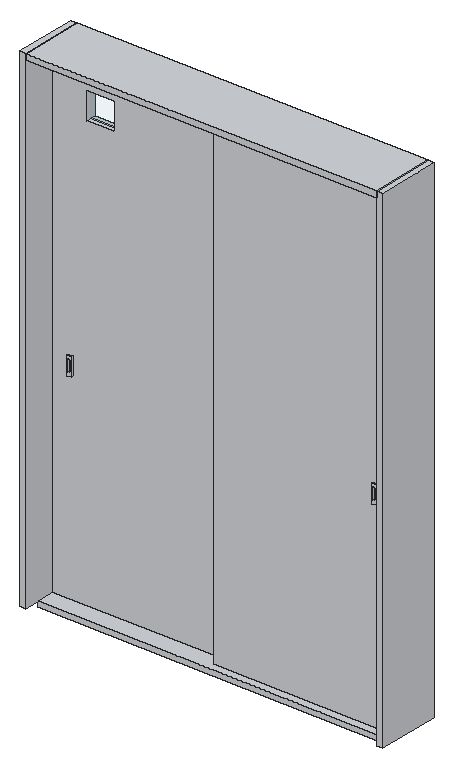
Revit family "Dor_引違い戸", category ドア, Revit 2020
Family settings
  ホスト = 壁
  常に垂直 = はい
  ロード時にボイドで切り取り = はい
  共有 = いいえ
  部屋計算ポイント = いいえ
Parameters (values of type "引違い戸")
  開口逃げ位置表示 [instance] = no
  金物_施錠方式(外) = ""
  金物_施錠方式(内) = ""
  金物_支持金物 = ""
  金物_操作金物 = ""
  金物_戸当り = ""
  金物_固定金物 = ""
  金物_フランス落し = ""
  金物_クローザー = ""
  逃げ_左 = 50 mm
  逃げ_右 = 50 mm
  解析用性能 = "<なし>"
  符号_建具記号 = ""
  符号_建具番号 = ""
  法_随時閉鎖 = yes
  法_防火性能 = ""
  法_遮煙 = yes
  法_常時閉鎖 = yes
  沓摺表示 [instance] = yes
  枠見付上 = 25 mm
  文字_ガラス厚 = ""
  召合せ = 40 mm
  沓摺見込_Kg [instance] = 150 mm
  ラベル_遮煙 = if(法_遮煙, "S", " ")  # "S"
  ラベル_法囲み = if(法_常時閉鎖, "□", if(法_随時閉鎖, "〇", " "))  # "□"
  マテリアル_ハンドル = none
  ドアパネルタイプ2 = DP_小窓 : 小窓
  ドアパネルタイプ1 = DP_フラッシュ : フラッシュ
  スリット/小窓位置：戸先 [instance] = yes
  ガラス厚 = 6 mm
  オフセット_外側 [instance] = 50 mm
  calc_逃げ位置 [instance] = if(bWallThicknessOffset, calc_壁芯ずれ, 0 mm)  # 0 mm
  calc_沓摺幅 = 幅 + LOCK  # 1500 mm
  沓摺タイプ = Kg_沓摺 : Kg_沓摺
  次による断熱プロパティの定義 = スキーマティック タイプ
  文字_額縁材質 = ""
  文字_額縁仕上 = ""
  文字_沓摺材質 = ""
  文字_沓摺仕上 = ""
  文字_枠材質 = ""
  文字_枠仕上 = ""
  文字_建具材質 = ""
  文字_建具仕上 = ""
  文字_取付場所 = ""
  文字_備考 = ""
  文字_パネル厚 = ""
  文字_ガラリ材質 = ""
  文字_ガラリ仕上 = ""
  文字_ガラス材質 = ""
  文字_アンダーカット = ""
  性能_遮音 = ""
  性能_気密 = ""
  形状_沓摺形状 = ""
  形状_枠形状 = ""
  形状_建具形式 = ""
  形状_ガラリ形状 = ""
  calc_沓摺奥行 = パネル厚 * 2 + LOCK  # 90 mm
  calc_壁芯ずれ [instance] = abs(オフセット_外側 - オフセット_内側) / 2  # 0 mm
  マテリアル_沓摺 = none
  マテリアル_枠 = none
  マテリアル_パネル = none
  マテリアル_ガラリ = none
  マテリアル_ガラス = ガラス - 透明
  パネル幅2 = パネル幅1  # 770 mm
  パネル幅1 = 幅 / 2 + 召合せ / 2  # 770 mm
  引手表示 [instance] = yes
  Keynote = ""
  オフセット_内側 [instance] = 50 mm
  calc_パネル中心_幅 = 幅 / 2 + LOCK  # 750 mm
  calc_パネル中心_厚 [instance] = calc_壁芯ずれ  # 0 mm
  bWallThicknessOffset = no
  W寸法 = 1500 mm
  LOCK = 0 mm  # constant formula
  Function = (empty or 0)
  Description = ""
  Rough Width = 0 mm
  高さ = H寸法 + LOCK  # 2100 mm
  枠見付 = 25 mm
  枠ちり外 = 10 mm
  枠ちり内 = 10 mm
  引手_高さ = 900 mm
  引手_オフセット = 80 mm
  戸当見込 = 50 mm
  戸当見付 = 15 mm
  Construction Type = ""
  Wall Closure = (empty or 0)
  幅 = W寸法 + LOCK  # 1500 mm
  Rough Height = 0 mm
  パネル高 = 高さ - アンダーカット  # 2095 mm
  パネル幅 = パネル幅1 + LOCK  # 770 mm
  パネル厚 = 45 mm
  アンダーカット = 5 mm
  H寸法 = 2100 mm
Reference planes
  plane 1: y = 0.417
  plane 2 "中心(左/右)": x = 0
  plane 3 "EXT.": y = 75.417
  plane 4 "内壁": y = -74.583
  plane 5 "左": x = -750
  plane 6 "右": x = 750
  plane 7 "上側": z = 2100
  plane 8: z = 0
  plane 9 "枠ちり外": y = 135.417
  plane 10 "枠外側左": x = -775
  plane 11 "枠外側右": x = 775
  plane 12: z = 5
  plane 13 "オフセット_内側": y = -124.583
  plane 14 "枠ちり内": y = -134.583
  plane 15: y = 65.417
  plane 16: x = -780
  plane 17: x = 780
  plane 18: y = 65.417
  plane 19: y = -114.583
  plane 20 "パネル1中心": y = -22.083
  plane 21: z = 900
  plane 22: z = 2125
  plane 23 "引手位置": x = 670
  plane 24: y = 65
  plane 25: z = 1050
  plane 26: z = 2127
  plane 27: x = -20
  plane 28: x = 20
  plane 29: x = 365
  plane 30: x = -365
  plane 31 "パネル2中心": y = 22.917
  plane 32 "壁芯ずれ": y = 0.417
  plane 33 "LGS厛": x = -670
  plane 34: y = -44.583
  plane 35: y = 45.417
  plane 36 "オフセット_外側": y = 125.417
  plane 37 "逃げ位置": y = 0.417
Forms (mm)
  Extrusion 1, void
    sketch origin (0, 0, 0) x (1, 0, 0) y (0, 1, 0)
      loop
        line (-775, -124.583) -> (775, -124.583) -> (775, 125.417) -> (-775, 125.417) -> (-775, -124.583)
    from 0 to 2125
  Extrusion 2, solid, material <- "マテリアル_枠"
    sketch origin (0, 0, 0) x (1, 0, 0) y (0, 1, 0)
      loop
        line (-750, -134.583) -> (750, -134.583) -> (750, 135.417) -> (-750, 135.417) -> (-750, -134.583)
    from 2100 to 2125
  Extrusion 3, solid, material <- "マテリアル_枠"
    sketch origin (0, 0, 0) x (1, 0, 0) y (0, 1, 0)
      loop
        line (-775, -134.583) -> (-750, -134.583) -> (-750, 135.417) -> (-775, 135.417) -> (-775, -134.583)
      loop
        line (750, -134.583) -> (775, -134.583) -> (775, 135.417) -> (750, 135.417) -> (750, -134.583)
    from 0 to 2125
Lines and regions (mm)
  Masking region 1
    outline origin (0, 0, 0) x (0, 1, 0) y (0, 0, 1)
      loop
        line (0.417, 2100) -> (-44.583, 2100) -> (-44.583, 5) -> (0.417, 5) -> (0.417, 2100)
  Masking region 2
    outline origin (0, 0, 0) x (0, 1, 0) y (0, 0, 1)
      loop
        line (65.417, 2125) -> (65.417, 2127) -> (-114.583, 2127) -> (-114.583, 2125) -> (-134.583, 2125) -> (-134.583, 2100) -> (135.417, 2100) -> (135.417, 2125) -> (65.417, 2125)
  Masking region 3, detail levels medium+fine
    outline origin (0, 0, 0) x (1, 0, 0) y (0, 1, 0)
      loop
        line (775, -134.583) -> (775, 135.417) -> (750, 135.417) -> (750, -134.583) -> (775, -134.583)
      loop
        line (-775, -134.583) -> (-750, -134.583) -> (-750, 135.417) -> (-775, 135.417) -> (-775, -134.583)
  Masking region 4, detail levels coarse
    outline origin (0, 0, 0) x (1, 0, 0) y (0, 1, 0)
      loop
        line (780, 125.417) -> (750, 125.417) -> (750, -124.583) -> (780, -124.583) -> (780, 125.417)
      loop
        line (-780, 125.417) -> (-780, -124.583) -> (-750, -124.583) -> (-750, 125.417) -> (-780, 125.417)
  Masking region 5
    outline origin (0, 0.835, 0) x (0, -1, 0) y (0, 0, 1)
      loop
        line (0.417, 2100) -> (-44.583, 2100) -> (-44.583, 5) -> (0.417, 5) -> (0.417, 2100)
  symbolic lines
    curve 1: line (0, 185.417, 0) -> (0, -184.583, 0)
Text (mm)
  text "EXT." at (-2295.016, 1099.543, 0), in view "基準レベル"
  text "外部" at (0, 1615.38, 3698.081), in view "左"
  text "外部" at (0, 1036.032, 3874.932), in view "右"
  text "内部" at (0, -1175.082, 3874.932), in view "右"
  text "内部" at (-2295.016, -1087.353, 0), in view "基準レベル"
Dimensions and locks
  equal spacing: plane 5 "左", plane 2 "中心(左/右)", plane 6 "右"
  locked: plane 3 "EXT." to host wall
  locked: plane 4 "内壁" to host wall
  "W寸法": plane 5 "左" to plane 6 "右"
  "H寸法": plane 8 to plane 7 "上側"
  "枠ちり内": plane 13 "オフセット_内側" to plane 14 "枠ちり内"
  "アンダーカット": plane 12 to plane 8
  locked: plane 3 "EXT." to plane 15 at 10
  locked: curve 1 to plane 9 "枠ちり外" at 50
  locked: plane 14 "枠ちり内" to curve 1 at 50
  plane 4 "内壁" to plane 3 "EXT." = 150 mm
  locked: plane 16 to plane 10 "枠外側左" at 5
  locked: plane 11 "枠外側右" to plane 17 at 5
  locked: plane 18 to plane 3 "EXT." at 10
  locked: plane 19 to plane 13 "オフセット_内側" at 10
  "引手_高さ": plane 21 to level
  "枠見付": plane 6 "右" to plane 11 "枠外側右"
  "枠見付": plane 10 "枠外側左" to plane 5 "左"
  "枠見付上": plane 22 to plane 7 "上側"
  "引手_オフセット": plane 23 "引手位置" to plane 6 "右"
  plane 24 to plane 3 "EXT." = 10.417 mm
  equal spacing: plane 8, plane 25, plane 7 "上側"
  plane 22 to plane 26 = 2 mm
  "オフセット_内側": plane 4 "内壁" to plane 13 "オフセット_内側"
  equal spacing: plane 27, plane 2 "中心(左/右)", plane 28
  "召合せ": plane 27 to plane 28
  equal spacing: plane 27, plane 29, plane 6 "右"
  equal spacing: plane 5 "左", plane 30, plane 28
  "calc_壁芯ずれ": plane 32 "壁芯ずれ" to host wall
  equal spacing: plane 20 "パネル1中心", plane 32 "壁芯ずれ", plane 31 "パネル2中心"
  "パネル厚": plane 31 "パネル2中心" to plane 20 "パネル1中心"
  "引手_オフセット": plane 5 "左" to plane 33 "LGS厛"
  "パネル厚": plane 32 "壁芯ずれ" to plane 34
  "パネル厚": plane 35 to plane 32 "壁芯ずれ"
  "枠ちり外": plane 9 "枠ちり外" to plane 36 "オフセット_外側"
  "オフセット_外側": plane 3 "EXT." to plane 36 "オフセット_外側"
  "calc_逃げ位置": plane 37 "逃げ位置" to plane 1
  aligned and locked: plane 1 to host wall
  aligned and locked: level to plane 8
  aligned and locked: Extrusion 1 to plane 13 "オフセット_内側"
  aligned and locked: Masking region 2 sketch curve to plane 14 "枠ちり内"
  aligned and locked: plane 9 "枠ちり外" to Masking region 2 sketch curve
  aligned and locked: plane 6 "右" to Masking region 4 sketch curve
  aligned and locked: Masking region 4 sketch curve to plane 17
  aligned and locked: Masking region 4 sketch curve to plane 13 "オフセット_内側"
  aligned and locked: plane 6 "右" to Masking region 3 sketch curve
  aligned and locked: plane 9 "枠ちり外" to Masking region 3 sketch curve
  aligned and locked: Extrusion 2 sketch curve to plane 14 "枠ちり内"
  aligned and locked: plane 5 "左" to Extrusion 2 sketch curve
  aligned and locked: Extrusion 2 sketch curve to plane 6 "右"
  aligned and locked: Extrusion 1 to plane 22
  aligned and locked: Extrusion 3 sketch curve to plane 14 "枠ちり内"  (x2)
  aligned and locked: Extrusion 3 sketch curve to plane 5 "左"
  aligned and locked: Extrusion 3 sketch curve to plane 10 "枠外側左"
  aligned and locked: plane 6 "右" to Extrusion 3 sketch curve
  aligned and locked: Extrusion 3 sketch curve to plane 11 "枠外側右"
  aligned and locked: Extrusion 3 to plane 22
  aligned and locked: Extrusion 2 to plane 22
  aligned and locked: plane 7 "上側" to Extrusion 2
  aligned and locked: plane 23 "引手位置" to nested 3
  aligned and locked: nested 3 to plane 21
  aligned and locked: plane 2 "中心(左/右)" to nested 4
  aligned and locked: plane 25 to nested 4
  aligned and locked: nested 2 to plane 20 "パネル1中心"
  aligned and locked: plane 20 "パネル1中心" to nested 3
  aligned and locked: plane 7 "上側" to Masking region 2 sketch curve  (x2)
  aligned and locked: Masking region 2 sketch curve to plane 22  (x2)
  aligned and locked: plane 7 "上側" to Masking region 1 sketch curve
  aligned and locked: plane 26 to Masking region 2 sketch curve  (x2)
  aligned and locked: Masking region 2 sketch curve to plane 19
  aligned and locked: plane 19 to Masking region 2 sketch curve
  aligned and locked: Masking region 3 sketch curve to plane 9 "枠ちり外"
  aligned and locked: plane 14 "枠ちり内" to Masking region 3 sketch curve
  aligned and locked: plane 10 "枠外側左" to Masking region 3 sketch curve
  aligned and locked: plane 13 "オフセット_内側" to Masking region 4 sketch curve
  aligned and locked: Masking region 4 sketch curve to plane 16
  aligned and locked: plane 9 "枠ちり外" to Extrusion 3 sketch curve  (x2)
  aligned and locked: plane 29 to nested 2
  aligned and locked: nested 6 to plane 33 "LGS厛"
  aligned and locked: plane 31 "パネル2中心" to nested 5
  aligned and locked: nested 6 to plane 31 "パネル2中心"
  aligned and locked: plane 2 "中心(左/右)" to nested 7
  aligned and locked: nested 7 to plane 32 "壁芯ずれ"
  aligned and locked: plane 18 to Masking region 2 sketch curve
  aligned and locked: plane 9 "枠ちり外" to Extrusion 2 sketch curve
  aligned and locked: plane 32 "壁芯ずれ" to Masking region 1 sketch curve
  aligned and locked: Masking region 1 sketch curve to plane 34
  aligned and locked: Masking region 5 sketch curve to plane 35
  aligned and locked: Masking region 5 sketch curve to plane 12
  aligned and locked: plane 32 "壁芯ずれ" to Masking region 5 sketch curve
  aligned and locked: Masking region 5 sketch curve to plane 7 "上側"
  aligned and locked: plane 12 to Masking region 1 sketch curve
  aligned and locked: plane 32 "壁芯ずれ" to nested 1
  aligned and locked: plane 5 "左" to Masking region 4 sketch curve
  aligned and locked: plane 5 "左" to Masking region 3 sketch curve
  aligned and locked: plane 30 to nested 5
  aligned and locked: plane 2 "中心(左/右)" to nested 8
  aligned and locked: plane 36 "オフセット_外側" to Masking region 4 sketch curve
  aligned and locked: Masking region 4 sketch curve to plane 36 "オフセット_外側"
  aligned and locked: plane 36 "オフセット_外側" to Extrusion 1 sketch curve
  aligned and locked: nested 8 to plane 37 "逃げ位置"
Automatic sketch dimensions
  curve 1 to plane 2 "中心(左/右)" = 0 mm
  Extrusion 1 sketch curve to plane 10 "枠外側左" = 0 mm
  Extrusion 1 sketch curve to plane 11 "枠外側右" = 0 mm
  host wall to Extrusion 1 sketch curve = 50 mm
  Masking region 3 sketch curve to plane 11 "枠外側右" = 0 mm
  Masking region 3 sketch curve to plane 14 "枠ちり内" = 0 mm
Nested families
  nested 1: "Kg_沓摺" at (0, 0.417, 0), アンダーカット <- "アンダーカット", パネル厚 <- "calc_沓摺奥行", パネル幅 <- "幅", 沓摺材質 <- "マテリアル_沓摺", type <- "沓摺タイプ", パネル中心位置 <- "calc_パネル中心_厚", visible <- "沓摺表示", 沓摺見込 <- "沓摺見込_Kg", type "Kg_沓摺"
    with 沓摺見込 150 mm, 沓摺材質 none, パネル幅 1500 mm, パネル厚 90 mm, パネル中心位置 0 mm, アンダーカット 5 mm
  nested 2: "DP_フラッシュ" at (365, -22.083, 0), マテリアル_パネル <- "マテリアル_パネル", 幅 <- "パネル幅1", 高さ <- "パネル高", Thickness <- "パネル厚", type <- "ドアパネルタイプ1", アンダーカット <- "アンダーカット", マテリアル_ガラス <- "マテリアル_ガラス", マテリアル_ガラリ <- "マテリアル_ガラリ", スリット/小窓位置：戸先 <- "スリット/小窓位置：戸先", ガラス厚 <- "ガラス厚", type "フラッシュ"
    with 高さ 2095 mm, 幅 770 mm, built-in parameter 1001302 45 mm, マテリアル_パネル none, マテリアル_ガラリ none, マテリアル_ガラス ガラス - 透明, スリット/小窓位置：戸先 yes, ガラス厚 6 mm, アンダーカット 5 mm
  nested 3: "Ha_引手" at (670, -22.083, 900) x (-1, 0, 0) z (0, 0, 1), visible <- "引手表示", type "Ha_引手"
    with パネル厚 45 mm
  nested 4: "立面_スイング_引違い" at (0, 75.417, 1050) x (1, 0, 0) z (0, -1, 0), type "立面_スイング_引違い"
    with 幅 250 mm
  nested 5: "DP_小窓" at (-365, 22.917, 0) x (-1, 0, 0) z (0, 0, 1), マテリアル_パネル <- "マテリアル_パネル", 幅 <- "パネル幅1", 高さ <- "パネル高", Thickness <- "パネル厚", type <- "ドアパネルタイプ2", アンダーカット <- "アンダーカット", マテリアル_ガラス <- "マテリアル_ガラス", マテリアル_ガラリ <- "マテリアル_ガラリ", スリット/小窓位置：戸先 <- "スリット/小窓位置：戸先", ガラス厚 <- "ガラス厚", type "小窓"
    with 高さ 2095 mm, 幅 770 mm, built-in parameter 1001302 45 mm, マテリアル_パネル none, マテリアル_ガラリ none, マテリアル_ガラス ガラス - 透明, スリット/小窓位置：戸先 yes, スリット/小窓位置：中央 no, ガラス厚 6 mm, アンダーカット 5 mm, calc_窓腰高 1860 mm, calc_窓位置_戸尻 500 mm, calc_窓位置_戸先 150 mm
  nested 6: "Ha_引手" at (-670, 22.917, 900), visible <- "引手表示", type "Ha_引手"
    with パネル厚 45 mm
  nested 7: "平面_引き違い戸" at (0, 0.417, 0), パネル厚 <- "パネル厚", 召合せ <- "召合せ", 幅 <- "幅", type "平面_引き違い戸"
    with 幅 1500 mm, 召合せ 40 mm, パネル厚 45 mm
  nested 8: "平面_逃げ位置" at (0, 0.417, 0), 幅 <- "W寸法", 逃げ_右 <- "逃げ_右", 逃げ_左 <- "逃げ_左", visible <- "開口逃げ位置表示", type "平面_逃げ位置"
    with 逃げ_左 50 mm, 逃げ_右 50 mm, 幅 1500 mm
Definition of nested family "Kg_沓摺"
  Parameters (values of type "Kg_沓摺")
    沓摺材質 [instance] = none
    Default Elevation = 0 mm
    パネル中心位置 [instance] = 80 mm
    沓摺見込 [instance] = 140 mm
    パネル幅 [instance] = 600 mm
    パネル厚 [instance] = 45 mm
    アンダーカット [instance] = 5 mm
  Reference planes
    plane 1 "中心(正面/背面)": y = 0
    plane 2: z = 0
    plane 3 "中心(左/右)": x = 0
    plane 4 "パネル内側": y = -22.5
    plane 5: x = -300
    plane 6: x = 300
    plane 7: z = 5
    plane 8: z = 3
    plane 9 "パネル外側": y = 22.5
    plane 10: z = -20
    plane 11: y = 70
    plane 12: y = -70
  Forms (mm)
    Extrusion 1, solid, material <- "沓摺材質"
      sketch origin (0, 0, 0) x (0, 1, 0) y (0, 0, 1)
        loop
          line (70, -20) -> (70, 3) -> (-70, 3) -> (-70, -20) -> (70, -20)
      from -300 to 300
  Lines and regions (mm)
    Masking region 1
      outline origin (0, 0, 0) x (0, 1, 0) y (0, 0, 1)
        loop
          line (-70, -20) -> (70, -20) -> (70, 3) -> (-70, 3) -> (-70, -15) -> (-70, -20)
    Masking region 2, detail levels medium+fine
      outline origin (0, 0, 0) x (1, 0, 0) y (0, 1, 0)
        loop
          line (-300, -70) -> (300, -70) -> (300, 70) -> (-300, 70) -> (-300, -70)
  Dimensions and locks
    "パネル幅": plane 5 to plane 6
    equal spacing: plane 5, plane 3 "中心(左/右)", plane 6
    "アンダーカット": plane 7 to plane 2
    locked: plane 7 to plane 8 at 2
    equal spacing: plane 9 "パネル外側", plane 1 "中心(正面/背面)", plane 4 "パネル内側"
    "パネル厚": plane 9 "パネル外側" to plane 4 "パネル内側"
    locked: plane 7 to plane 10 at 25
    Masking region 1 sketch curve to plane 2 = 15 mm
    "沓摺見込": plane 11 to plane 12
    equal spacing: plane 11, plane 1 "中心(正面/背面)", plane 12
    aligned and locked: level to plane 2
    aligned and locked: Extrusion 1 sketch curve to plane 10
    aligned and locked: Extrusion 1 sketch curve to plane 8
    aligned and locked: plane 6 to Extrusion 1
    aligned and locked: Extrusion 1 to plane 5
    aligned and locked: Masking region 1 sketch curve to plane 8
    aligned and locked: Masking region 1 sketch curve to plane 10
    aligned and locked: plane 11 to Masking region 1 sketch curve
    aligned and locked: plane 11 to Extrusion 1 sketch curve
    aligned and locked: Masking region 1 sketch curve to plane 12
    aligned and locked: plane 12 to Extrusion 1 sketch curve
    aligned and locked: Masking region 2 sketch curve to plane 5
    aligned and locked: plane 6 to Masking region 2 sketch curve
    aligned and locked: plane 11 to Masking region 2 sketch curve
    aligned and locked: Masking region 2 sketch curve to plane 12
Definition of nested family "DP_フラッシュ"
  Parameters (values of type "フラッシュ")
    Height [instance] = 1995 mm
    Analytic Construction = "<なし>"
    Define Thermal Properties by = 1
    マテリアル_パネル [instance] = none
    Thickness [instance] = 40 mm
    Width [instance] = 800 mm
    マテリアル_ガラリ [instance] = none
    マテリアル_ガラス [instance] = none
    スリット/小窓位置：戸先 [instance] = yes
    ガラス厚 [instance] = 0 mm
    アンダーカット [instance] = 5 mm
  Reference planes
    plane 1 "中心(正面/背面)": y = 0
    plane 2 "下": z = 0
    plane 3 "中心(左/右)": x = 0
    plane 4 "右": x = 400
    plane 5 "左": x = -400
    plane 6 "前面": y = 20
    plane 7 "背面": y = -20
    plane 8 "上": z = 2000
    plane 9: z = 5
  Forms (mm)
    Extrusion 1, solid, material <- "マテリアル_パネル"
      sketch origin (0, 0, 0) x (1, 0, 0) y (0, 0, 1)
        loop
          line (-400, 2000) -> (-400, 5) -> (400, 5) -> (400, 2000) -> (-400, 2000)
      from -20 to 20
  Dimensions and locks
    equal spacing: plane 5 "左", plane 3 "中心(左/右)", plane 4 "右"
    "Width": plane 5 "左" to plane 4 "右"
    equal spacing: plane 6 "前面", plane 1 "中心(正面/背面)", plane 7 "背面"
    "Thickness": plane 6 "前面" to plane 7 "背面"
    "アンダーカット": plane 9 to plane 2 "下"
    "Height": plane 8 "上" to plane 9
    aligned and locked: level to plane 2 "下"
    aligned and locked: Extrusion 1 sketch curve to plane 8 "上"
    aligned and locked: plane 5 "左" to Extrusion 1 sketch curve
    aligned and locked: Extrusion 1 sketch curve to plane 4 "右"
    aligned and locked: plane 6 "前面" to Extrusion 1
    aligned and locked: Extrusion 1 to plane 7 "背面"
    aligned and locked: plane 9 to Extrusion 1 sketch curve
Definition of nested family "Ha_引手"
  Parameters (values of type "Ha_引手")
    Analytic Construction = "<なし>"
    Define Thermal Properties by = 1
    パネル厚 = 30 mm
    ハンドル = none
    Keynote = "08730.C5"
  Reference planes
    plane 1 "中心(正面/背面)": y = 0
    plane 2: z = 0
    plane 3 "中心 (左/右)": x = 0
    plane 4: y = 15
    plane 5: y = -15
    plane 6: y = -20
    plane 7: y = 20
  Forms (mm)
    Extrusion 1, solid, material <- "ハンドル"
      sketch origin (-30, -15, 0) x (1, 0, 0) y (0, 0, 1)
        loop
          line (20, -40) -> (40, -40) -> (40, 40) -> (20, 40) -> (20, -40)
      from -35 to 5
    Extrusion 2, void
      sketch origin (0, -15, 0) x (-1, 0, 0) y (0, 0, 1)
        loop
          line (5, -25) -> (5, 25) -> (-5, 25) -> (-5, -25) -> (5, -25)
      from -5 to 0
    Extrusion 3, void
      sketch origin (0, 15, 0) x (-1, 0, 0) y (0, 0, 1)
        loop
          line (-5, 25) -> (-5, -25) -> (5, -25) -> (5, 25) -> (-5, 25)
      from 0 to 5
  Cuts and joins
    Extrusion 2, Extrusion 3 cuts Extrusion 1
  Dimensions and locks
    equal spacing: plane 5, plane 1 "中心(正面/背面)", plane 4
    "パネル厚": plane 5 to plane 4
    locked: plane 6 to plane 5 at 5
    locked: plane 4 to plane 7 at 5
    aligned and locked: plane 6 to Extrusion 1
    aligned and locked: Extrusion 1 to plane 7
    aligned and locked: Extrusion 1 to Extrusion 2
    aligned and locked: Extrusion 1 to Extrusion 3
  Automatic sketch dimensions
    Extrusion 1 sketch curve to plane 3 "中心 (左/右)" = 10 mm
    plane 3 "中心 (左/右)" to Extrusion 1 sketch curve = 10 mm
    Extrusion 1 sketch curve to level = 40 mm
    level to Extrusion 1 sketch curve = 40 mm
    plane 3 "中心 (左/右)" to Extrusion 2 sketch curve = 5 mm
    Extrusion 2 sketch curve to plane 3 "中心 (左/右)" = 5 mm
    Extrusion 2 sketch curve to level = 25 mm
    level to Extrusion 2 sketch curve = 25 mm
    plane 3 "中心 (左/右)" to Extrusion 3 sketch curve = 5 mm
    Extrusion 3 sketch curve to plane 3 "中心 (左/右)" = 5 mm
    Extrusion 3 sketch curve to level = 25 mm
    level to Extrusion 3 sketch curve = 25 mm
Definition of nested family "DP_小窓"
  Parameters (values of type "小窓")
    Height [instance] = 2000 mm
    Analytic Construction = "<なし>"
    窓位置_戸先寄り = 150 mm
    Define Thermal Properties by = 1
    Thickness [instance] = 40 mm
    窓H = 120 mm
    窓位置_上 = 120 mm
    マテリアル_パネル [instance] = none
    マテリアル_ガラリ [instance] = none
    マテリアル_ガラス [instance] = none
    スリット/小窓位置：戸先 [instance] = yes
    スリット/小窓位置：中央 [instance] = not([スリット/小窓位置：戸先])  # no
    アンダーカット [instance] = 5 mm
    calc_窓位置_戸先 [instance] = if([スリット/小窓位置：戸先], 窓位置_戸先寄り, (Width - 窓W) / 2)  # 150 mm
    Width [instance] = 800 mm
    calc_窓位置_戸尻 [instance] = if([スリット/小窓位置：戸先], Width - 窓W - 窓位置_戸先寄り, if([スリット/小窓位置：中央], calc_窓位置_戸先, 窓位置_戸先寄り))  # 530 mm
    窓W = 120 mm
    ガラス厚 [instance] = 6 mm
    calc_窓腰高 [instance] = (Height + アンダーカット) - 窓位置_上 - 窓H  # 1765 mm
  Reference planes
    plane 1 "中心(正面/背面)": y = 0
    plane 2 "下": z = 0
    plane 3 "中心(左/右)": x = 0
    plane 4 "右": x = 400
    plane 5 "左": x = -400
    plane 6 "前面": y = 20
    plane 7 "背面": y = -20
    plane 8 "上": z = 2005
    plane 9 "戸先": x = 250
    plane 10 "ガラス下": z = 1765
    plane 11 "ガラス上": z = 1885
    plane 12 "ガラス幅": x = 130
    plane 13 "ガラス芯": x = 190
    plane 14: z = 5
  Forms (mm)
    Extrusion 1, solid, material <- "マテリアル_パネル"
      sketch origin (0, 0, 0) x (1, 0, 0) y (0, 0, 1)
        loop
          line (-400, 2005) -> (-400, 5) -> (400, 5) -> (400, 2005) -> (-400, 2005)
        loop
          line (130, 1885) -> (130, 1765) -> (250, 1765) -> (250, 1885) -> (130, 1885)
      from -20 to 20
  Dimensions and locks
    equal spacing: plane 5 "左", plane 3 "中心(左/右)", plane 4 "右"
    "Width": plane 5 "左" to plane 4 "右"
    equal spacing: plane 6 "前面", plane 1 "中心(正面/背面)", plane 7 "背面"
    "Thickness": plane 6 "前面" to plane 7 "背面"
    "calc_窓位置_戸先": plane 4 "右" to plane 9 "戸先"
    "窓位置_上": plane 8 "上" to plane 11 "ガラス上"
    "窓H": plane 11 "ガラス上" to plane 10 "ガラス下"
    "窓W": plane 9 "戸先" to plane 12 "ガラス幅"
    equal spacing: plane 12 "ガラス幅", plane 13 "ガラス芯", plane 9 "戸先"
    "アンダーカット": plane 14 to plane 2 "下"
    "Height": plane 8 "上" to plane 14
    aligned and locked: level to plane 2 "下"
    aligned and locked: Extrusion 1 sketch curve to plane 8 "上"
    aligned and locked: plane 5 "左" to Extrusion 1 sketch curve
    aligned and locked: Extrusion 1 sketch curve to plane 4 "右"
    aligned and locked: plane 6 "前面" to Extrusion 1
    aligned and locked: Extrusion 1 to plane 7 "背面"
    aligned and locked: plane 11 "ガラス上" to Extrusion 1 sketch curve
    aligned and locked: plane 12 "ガラス幅" to Extrusion 1 sketch curve
    aligned and locked: Extrusion 1 sketch curve to plane 10 "ガラス下"
    aligned and locked: Extrusion 1 sketch curve to plane 9 "戸先"
    aligned and locked: nested 1 to plane 1 "中心(正面/背面)"
    aligned and locked: plane 13 "ガラス芯" to nested 1
    aligned and locked: plane 14 to Extrusion 1 sketch curve
  Nested families
    nested 1: "DPw_ガラス" at (190, 15, 1765), Width <- "窓W", Height <- "窓H", Thickness <- "ガラス厚", built-in parameter 1001364 <- "calc_窓腰高", マテリアル_ガラス <- "マテリアル_ガラス", type "ガラス"
      with Height 120 mm, Width 120 mm, Thickness 6 mm, マテリアル_ガラス none
  Definition of nested family "DPw_ガラス"
    Parameters (values of type "DPw_ガラス")
      Define Thermal Properties by = 1
      Visual Light Transmittance = 0.9
      Solar Heat Gain Coefficient = 0.78
      Height [instance] = 1000 mm
      Heat Transfer Coefficient (U) = 3.6886 W/(m²·K)
      Width [instance] = 800 mm
      Analytic Construction = "1/8 インチ ピルキントン一重ガラス"
      Thickness [instance] = 6 mm
      マテリアル_ガラス [instance] = none
    Reference planes
      plane 1 "中心(正面/背面)": y = -15
      plane 2 "下": z = 0
      plane 3 "中心(左/右)": x = 0
      plane 4 "左": x = -400
      plane 5 "右": x = 400
      plane 6 "上": z = 1000
      plane 7: y = -12
      plane 8: y = -18
      plane 9: z = 500
    Forms (mm)
      Extrusion 1, solid, material <- "マテリアル_ガラス"
        sketch origin (0, -15, 0) x (1, 0, 0) y (0, 0, 1)
          loop
            line (-400, 0) -> (400, 0) -> (400, 1000) -> (-400, 1000) -> (-400, 0)
        from -3 to 3
    Lines and regions (mm)
      symbolic lines, detail levels medium+fine
        curve 1: line (400, -15, 0) -> (-400, -15, 0)
      symbolic lines, detail levels fine
        curve 2: line (0, -15, 1000) -> (0, -15, 0)
    Dimensions and locks
      equal spacing: plane 4 "左", plane 3 "中心(左/右)", plane 5 "右"
      "Width": plane 4 "左" to plane 5 "右"
      "Height": plane 6 "上" to plane 2 "下"
      equal spacing: plane 6 "上", plane 9, plane 2 "下"
      "Thickness": plane 8 to plane 7
      equal spacing: plane 8, plane 1 "中心(正面/背面)", plane 7
      plane 2 "下" to level = 0 mm
      aligned and locked: plane 5 "右" to Extrusion 1
      aligned and locked: Extrusion 1 to plane 4 "左"
      aligned and locked: Extrusion 1 to plane 7
      aligned and locked: plane 8 to Extrusion 1
      aligned and locked: curve 1 to plane 1 "中心(正面/背面)"
      aligned and locked: plane 4 "左" to curve 1
      aligned and locked: Extrusion 1 to curve 1
      aligned and locked: plane 6 "上" to Extrusion 1
      aligned and locked: plane 2 "下" to curve 2
      aligned and locked: plane 6 "上" to curve 2
      aligned and locked: Extrusion 1 to plane 2 "下"
    Automatic sketch dimensions
      Extrusion 1 sketch curve to plane 4 "左" = 0 mm
      Extrusion 1 sketch curve to plane 5 "右" = 0 mm
      level to Extrusion 1 sketch curve = 0 mm
      Extrusion 1 sketch curve to plane 6 "上" = 0 mm
      curve 2 to plane 1 "中心(正面/背面)" = 0 mm
Definition of nested family "立面_スイング_引違い"
  Parameters (values of type "立面_スイング_引違い")
    幅 [instance] = 250 mm
  Reference planes
    plane 1 "中心(正面/背面)": y = 0
    plane 2: z = 0
    plane 3 "中心(左/右)": x = 0
    plane 4: x = -125
    plane 5: x = 125
  Lines and regions (mm)
    detail lines, in view "基準レベル"
      curve 1: line (125, 0, 0) -> (-125, 0, 0)
      curve 2: line (-125, 0, 0) -> (-55.718, 40, 0)
      curve 3: line (125, 0, 0) -> (55.718, -40, 0)
  Dimensions and locks
    equal spacing: plane 4, plane 3 "中心(左/右)", plane 5
    "幅": plane 4 to plane 5
    angle curve 1 to curve 2 = 30.00°
    angle curve 1 to curve 3 = 30.00°
    aligned and locked: plane 4 to curve 1
    aligned and locked: plane 5 to curve 1
  Automatic sketch dimensions
    plane 1 "中心(正面/背面)" to curve 3 = 0 mm
Definition of nested family "平面_引き違い戸"
  Parameters
    幅 [instance] = 1600 mm
    召合せ [instance] = 40 mm
    パネル厚 [instance] = 45 mm
  Reference planes
    plane 1 "中心(正面/背面)": y = 0
    plane 2: z = 0
    plane 3 "中心(左/右)": x = 0
    plane 4: y = 22.5
    plane 5: y = -22.5
    plane 6: x = -20
    plane 7: x = 20
    plane 8: x = -800
    plane 9: x = 800
    plane 10: y = -45, in view "基準レベル"
    plane 11: y = 45, in view "基準レベル"
  Lines and regions (mm)
    Masking region 1, in view "基準レベル", detail levels medium+fine
      outline origin (0, 0, 0) x (1, 0, 0) y (0, 1, 0)
        loop
          line (-20, 0) -> (-20, -45) -> (800, -45) -> (800, 0) -> (-20, 0)
    Masking region 2, in view "基準レベル", detail levels medium+fine
      outline origin (0, 0, 0) x (-1, 0, 0) y (0, -1, 0)
        loop
          line (-20, 0) -> (-20, -45) -> (800, -45) -> (800, 0) -> (-20, 0)
    detail lines, in view "基準レベル", detail levels coarse
      curve 1: line (-800, 22.5, 0) -> (20, 22.5, 0)
      curve 2: line (-20, -22.5, 0) -> (800, -22.5, 0)
  Dimensions and locks
    equal spacing: plane 4, plane 1 "中心(正面/背面)", plane 5
    "パネル厚": plane 4 to plane 5
    equal spacing: plane 8, plane 3 "中心(左/右)", plane 9
    equal spacing: plane 6, plane 3 "中心(左/右)", plane 7
    "召合せ": plane 6 to plane 7
    "幅": plane 8 to plane 9
    "パネル厚": plane 10 to plane 1 "中心(正面/背面)"
    "パネル厚": plane 1 "中心(正面/背面)" to plane 11
    aligned and locked: plane 6 to Masking region 1 sketch curve
    aligned and locked: Masking region 1 sketch curve to plane 9
    aligned and locked: Masking region 1 sketch curve to plane 10
    aligned and locked: plane 1 "中心(正面/背面)" to Masking region 1 sketch curve
    aligned and locked: Masking region 2 sketch curve to plane 11
    aligned and locked: plane 8 to Masking region 2 sketch curve
    aligned and locked: Masking region 2 sketch curve to plane 7
    aligned and locked: Masking region 2 sketch curve to plane 1 "中心(正面/背面)"
    aligned and locked: plane 8 to curve 1
    aligned and locked: plane 7 to curve 1
    aligned and locked: plane 6 to curve 2
    aligned and locked: plane 9 to curve 2
  Automatic sketch dimensions
    curve 1 to plane 4 = 0 mm
    curve 2 to plane 5 = 0 mm
Definition of nested family "平面_逃げ位置"
  Parameters (values of type "平面_逃げ位置")
    逃げ_左 [instance] = 40 mm
    逃げ_右 [instance] = 40 mm
    幅 [instance] = 1000 mm
  Reference planes
    plane 1 "中心(正面/背面)": y = 0
    plane 2: z = 0
    plane 3 "中心(左/右)": x = 0
    plane 4: x = -500
    plane 5: x = 500
    plane 6: x = 540
    plane 7: x = -540
    plane 8: y = -30
    plane 9: y = 30
  Lines and regions (mm)
    detail lines, in view "基準レベル"
      curve 1: line (-540, 30, 0) -> (-540, -30, 0)
      curve 2: line (540, 30, 0) -> (540, -30, 0)
  Dimensions and locks
    equal spacing: plane 4, plane 3 "中心(左/右)", plane 5
    "幅": plane 4 to plane 5
    plane 9 to plane 8 = 60 mm
    equal spacing: plane 9, plane 1 "中心(正面/背面)", plane 8
    "逃げ_左": plane 7 to plane 4
    "逃げ_右": plane 5 to plane 6
    aligned and locked: curve 1 to plane 7
    aligned and locked: plane 6 to curve 2
    aligned and locked: plane 9 to curve 2
  Automatic sketch dimensions
    curve 1 to plane 8 = 0 mm
    curve 2 to plane 8 = 0 mm
    curve 1 to plane 9 = 0 mm
